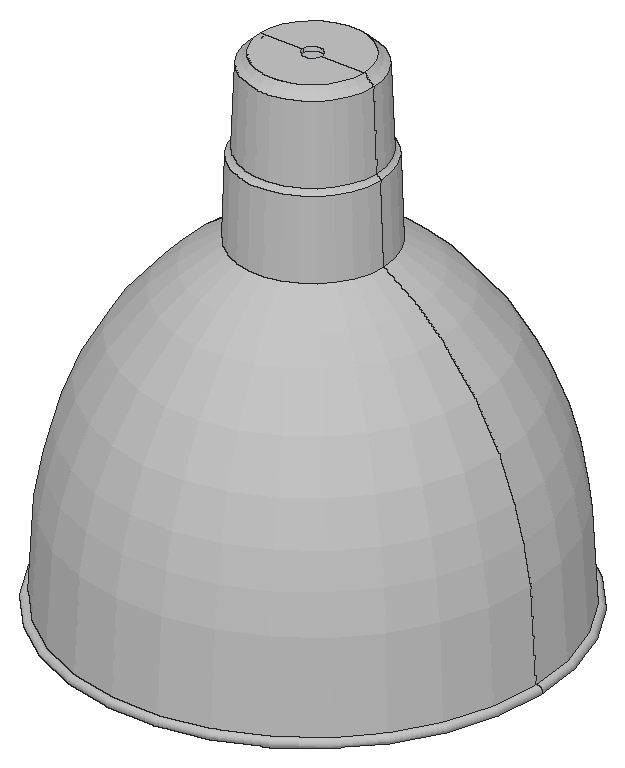
Revit family "D612 SHADE", category Lighting Fixtures, Revit 2024
Family settings
  Round Connector Dimension = Use Diameter
  Part Type = Normal
  OmniClass Number = 23.80.70.00
  OmniClass Title = Lighting
  Work Plane-Based = No
  Always vertical = Yes
  Cut with Voids When Loaded = No
  Light Source = Yes
  Maintain Annotation Orientation = No
  Shared = No
  Room Calculation Point = No
Parameters
  Wattage = 12.1178 W
  built-in parameter 1150110 = 1 (stored number, unit not read)
  built-in parameter 1114217 = 1 (stored number, unit not read)
  built-in parameter 1150109 = 1 (stored number, unit not read)
  built-in parameter 1150134 = (empty or 0)
  built-in parameter 1150113 = 1 (stored number, unit not read)
  Lumens = 1800 lm
  built-in parameter 1150115 = 1 (stored number, unit not read)
  built-in parameter 1150105 = 572.96 (stored number, unit not read)
  Light Source Symbol Size = 2' - 0"
  built-in parameter 1150137 = (empty or 0)
  built-in parameter 1150139 = (empty or 0)
  built-in parameter 1150112 = 1 (stored number, unit not read)
  built-in parameter 1150114 = 1 (stored number, unit not read)
  built-in parameter 1150132 = 2
  built-in parameter 1150102 = (empty or 0)
  built-in parameter 1150138 = (empty or 0)
  built-in parameter 1150107 = 3000 (stored number, unit not read)
  built-in parameter 1150106 = 5.7296 (stored number, unit not read)
  built-in parameter 1150104 = 13.8 (stored number, unit not read)
  Dimming Lamp Color Temperature Shift = (empty or 0)
  Default Elevation = 0' - 0"
  Color Filter = 16777215
  built-in parameter 1114218 = 1 (stored number, unit not read)
  built-in parameter 1150133 = 10 (stored number, unit not read)
Reference planes (in)
  plane 1 "Light Source Axis (F/B)": y = 0
  plane 2: z = 0
  plane 3 "Light Source Axis (L/R)": x = 0
  plane 4 "Light Source Elevation": z = 84
Forms (in)
  Revolve 1, solid
    sketch origin (0, 0, 0) x (1, 0, 0) y (0, 0, 1)
      loop
        line (-0.25, 97) -> (-1.35, 97)
        arc (-1.35, 97) -> (-1.46302, 96.86302) -> (-1.6, 96.75) r 0.93076
        line (-1.6, 96.75) -> (-1.66984, 94.75)
        arc (-1.66984, 94.75) -> (-1.72188, 94.67704) -> (-1.79484, 94.625) r 0.27145
        line (-1.79484, 94.625) -> (-1.86468, 92.625)
        spline (-1.86468, 92.625) -> (-2.88769, 91.90244) -> (-3.53524, 91.28702) -> (-4.00192, 90.7462) -> (-4.3888, 90.1941) -> (-4.74173, 89.59395) -> (-5.03237, 88.99759) -> (-5.25353, 88.42517) -> (-5.42779, 87.85557) -> (-5.56658, 87.2927) -> (-5.68002, 86.68251) -> (-5.78403, 85.80416) -> (-5.83611, 84.2)
        arc (-5.83611, 84.2) -> (-5.9998, 84.1) -> (-5.83611, 84) r 0.11239
        line (-5.83611, 84) -> (-5.74236, 84) -> (-5.74236, 84.2)
        spline (-5.74236, 84.2) -> (-5.69033, 85.79993) -> (-5.58676, 86.67206) -> (-5.47399, 87.27724) -> (-5.33562, 87.83709) -> (-5.16211, 88.40276) -> (-4.94215, 88.96994) -> (-4.65283, 89.5613) -> (-4.3016, 90.15644) -> (-3.91751, 90.70205) -> (-3.45207, 91.23829) -> (-2.80281, 91.85121) -> (-1.77277, 92.5707)
        line (-1.77277, 92.5707) -> (-1.70293, 94.57084)
        arc (-1.70293, 94.57084) -> (-1.62876, 94.64071) -> (-1.57679, 94.72835) r 0.3652
        line (-1.57679, 94.72835) -> (-1.50792, 96.70047)
        arc (-1.50792, 96.70047) -> (-1.39747, 96.79599) -> (-1.30172, 96.90625) r 1.02451
        line (-1.30172, 96.90625) -> (-0.25, 96.90625) -> (-0.25, 97)
      axis (0, 84) -> (0, 97)
    angle from 0 to 360
Dimensions and locks (in)
  aligned and locked: plane 3 "Light Source Axis (L/R)" to imposter light
  aligned and locked: plane 1 "Light Source Axis (F/B)" to imposter light
  aligned and locked: plane 4 "Light Source Elevation" to imposter light
  aligned and locked: level to plane 2
